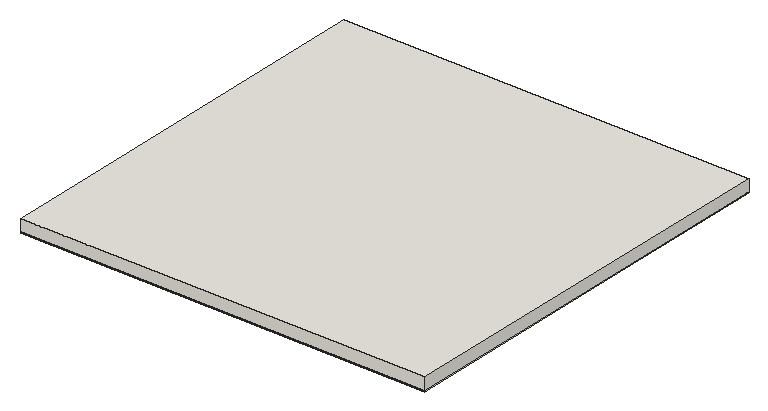
Revit family "ERA_LF_CS_SPO-6-36", category Осветительные приборы, Revit 2019 (continued)
Types (4, lengths in mm): name | built-in parameter 1150134 | Файл фотометрической сетки | built-in parameter 1150142 | built-in parameter 1150107 | URL | ADSK_Масса | ADSK_Марка | ADSK_Обозначение | ADSK_Наименование
    6 182.96 182.96 180.45 179.50 178.00 176.74 174.39 172.23 169.03\r\n 167.83 168.03 168.03 168.28 167.33 165.47 164.37 163.37 161.31 158.96\r\n 154.35 153.95 153.95 153.90 154.15 154.30 152.65 151.49 150.24 148.69\r\n 144.48 141.73 141.73 140.97 140.62 140.87 141.53 140.57 139.12 137.92\r\n 135.06 133.21 133.21 130.05 129.00 128.40 128.40 128.80 129.10 127.60\r\n 125.59 123.89 123.89 122.29 119.98 117.63 116.68 116.88 117.23 117.68\r\n 115.83 115.12 115.12 113.62 112.27 110.51 108.31 106.56 106.16 106.21\r\n 107.11 106.01 106.01 105.15 104.10 102.90 101.05 99.29 96.74 95.59\r\n 95.94 96.14 96.14 96.24 95.19 94.13 93.13 91.58 89.52 87.77\r\n 85.27 85.22 85.22 85.22 85.97 85.17 83.96 83.16 81.71 79.70\r\n 75.35 74.29 74.29 73.79 73.94 74.09 74.24 73.14 72.14 70.69\r\n 67.13 64.53 64.53 63.07 62.17 62.02 62.17 62.42 61.72 60.52\r\n 57.46 55.86 55.86 53.50 51.65 50.40 50.10 50.10 50.45 50.15\r\n 48.04 46.19 46.19 44.54 42.13 40.33 38.68 38.32 37.97 38.37\r\n 37.17 36.27 36.27 34.57 32.76 30.16 28.05 26.50 25.70 25.40\r\n 26.15 25.30 25.30 24.55 22.74 21.04 18.84 16.43 15.38 14.73\r\n 14.73 14.88 14.88 14.63 13.93 12.02 9.32 7.92 5.91 5.21\r\n 6.01 7.51 7.51 8.57 9.07 8.87 8.17 7.41 6.16 5.41\r\n 5.71 6.66 6.66 7.92 9.02 9.22 9.07 8.27 6.81 6.16\r\n 5.56 0.00 0.00 0.00 0.00 0.00 0.00 0.00 0.00 0.00\r\n 0.00 0.00 0.00 0.00 0.00 0.00 0.00 0.00 0.00 0.00\r\n 0.00 0.00 0.00 0.00 0.00 0.00 0.00 0.00 0.00 0.00\r\n 0.00 0.00 0.00 0.00 0.00 0.00 0.00 0.00 0.00 0.00\r\n 0.00 0.00 0.00 0.00 0.00 0.00 0.00 0.00 0.00 0.00\r\n 0.00 0.00 0.00 0.00 0.00 0.00 0.00 0.00 0.00 0.00\r\n 0.00 0.00 0.00 0.00 0.00 0.00 0.00 0.00 0.00 0.00\r\n 0.00 0.00 0.00 0.00 0.00 0.00 0.00 0.00 0.00 0.00\r\n 0.00 0.00 0.00 0.00 0.00 0.00 0.00 0.00 0.00 0.00\r\n 0.00 0.00 0.00 0.00 0.00 0.00 0.00 0.00 0.00 0.00\r\n 0.00 0.00 0.00 0.00 0.00 0.00 0.00 0.00 0.00 0.00\r\n 0.00 0.00 0.00 0.00 0.00 0.00 0.00 0.00 0.00 0.00\r\n 0.00 0.00 0.00 0.00 0.00 0.00 0.00 0.00 0.00 0.00\r\n 0.00 0.00 0.00 0.00 0.00 0.00 0.00 0.00 0.00 0.00\r\n 0.00 0.00 0.00 0.00 0.00 0.00 0.00 0.00 0.00 0.00\r\n 0.00 0.00 0.00 0.00 0.00 0.00 0.00 0.00 0.00 0.00\r\n 0.00 0.00 0.00 0.00 0.00 0.00 0.00 0.00 0.00 0.00\r\n 0.00 0.00 0.00 0.00 0.00 0.00 0.00 0.00 0.00 0.00\r\n 0.00 0.00 0.00 0.00 0.00 0.00 0.00 0.00 0.00 0.00\r\n 0.00 0.00 0.00 0.00 0.00 0.00 0.00 0.00 0.00 0.00\r\n 0.00 0.00 0.00 0.00 0.00 0.00 0.00 0.00 0.00 0.00\r\n 0.00 0.00 0.00 0.00 0.00 0.00 0.00 0.00 0.00 0.00\r\n 0.00 0.00 0.00 0.00 0.00 0.00 0.00 0.00 0.00 0.00\r\n 0.00 0.00 0.00 0.00 0.00 0.00 0.00 0.00 0.00 0.00\r\n 0.00 0.00 0.00 0.00 0.00 0.00 0.00 0.00 0.00 0.00\r\n 0.00 0.00 0.00 0.00 0.00 0.00 0.00 0.00 0.00 0.00\r\n 0.00 0.00 0.00 0.00 0.00 0.00 0.00 0.00 0.00 0.00\r\n 0.00 0.00 0.00 0.00 0.00 0.00 0.00 0.00 0.00 0.00\r\n 0.00 0.00 0.00 0.00 0.00 0.00 0.00 0.00 0.00 0.00\r\n 0.00 0.00 0.00 0.00 0.00 0.00 0.00 0.00 0.00 0.00\r\n 0.00 0.00 0.00 0.00 0.00 0.00 0.00 0.00 0.00 0.00\r\n 0.00 0.00 0.00 0.00 0.00 0.00 0.00 0.00 0.00 0.00\r\n 0.00 0.00 0.00 0.00 0.00 0.00 0.00 0.00 0.00 0.00\r\n 0.00 0.00 0.00 0.00 0.00 0.00 0.00 0.00 0.00 0.00\r\n 0.00 0.00 0.00 0.00 0.00 0.00 0.00 0.00 0.00 0.00\r\n 0.00 0.00 0.00 0.00 0.00 0.00 0.00 0.00 0.00 0.00\r\n 0.00 0.00 0.00 0.00 0.00 0.00 0.00 0.00 0.00 0.00\r\n 0.00 0.00 0.00 0.00 0.00 0.00 0.00 0.00 0.00 0.00\r\n 0.00 0.00 0.00 0.00 0.00 0.00 0.00 0.00 0.00 0.00\r\n 0.00 0.00 0.00 0.00 0.00 0.00 0.00 0.00 0.00 0.00\r\n 0.00 0.00 0.00 0.00 0.00 0.00 0.00 0.00 0.00 0.00\r\n 0.00 0.00 0.00 0.00 0.00 0.00 0.00 0.00 0.00 0.00\r\n 0.00 0.00 0.00 0.00 0.00 0.00 0.00 0.00 0.00 0.00\r\n 0.00 0.00 0.00 0.00 0.00 0.00 0.00 0.00 0.00 0.00\r\n 0.00 0.00 0.00 0.00 0.00 0.00 0.00 0.00 0.00 0.00\r\n 0.00 0.00 0.00 0.00 0.00 0.00 0.00 0.00 0.00 0.00\r\n 0.00 0.00 0.00 0.00 0.00 0.00 0.00 0.00 0.00 0.00\r\n 0.00 0.00 0.00 0.00 0.00 0.00 0.00 0.00 0.00 0.00\r\n 0.00 0.00 0.00 0.00 0.00 0.00 0.00 0.00 0.00 0.00\r\n 0.00 0.00 0.00 0.00 0.00 0.00 0.00 0.00 0.00 0.00\r\n 0.00 0.00 0.00 0.00 0.00 0.00 0.00 0.00 0.00 0.00\r\n 0.00 0.00 0.00 0.00 0.00 0.00 0.00 0.00 0.00 0.00\r\n 0.00 0.00 0.00 0.00 0.00 0.00 0.00 0.00 0.00 0.00\r\n 0.00 0.00 0.00 0.00 0.00 0.00 0.00 0.00 0.00 0.00\r\n 0.00 0.00 0.00 0.00 0.00 0.00 0.00 0.00 0.00 0.00\r\n 0.00 0.00 0.00 0.00 0.00 0.00 0.00 0.00 0.00 0.00\r\n 0.00 0.00 0.00 0.00 0.00 0.00 0.00 0.00 0.00 0.00\r\n 0.00 0.00 0.00 0.00 0.00 0.00 0.00 0.00 0.00 0.00\r\n 0.00 0.00 0.00 0.00 0.00 0.00 0.00 0.00 0.00 0.00\r\n 0.00 0.00 0.00 0.00 0.00 0.00 0.00 0.00 0.00 0.00\r\n 0.00 0.00 0.00 0.00 0.00 0.00 0.00 0.00 0.00 0.00\r\n 0.00 0.00 0.00 0.00 0.00 0.00 0.00 0.00 0.00 0.00\r\n 0.00 0.00 0.00 0.00 0.00 0.00 0.00 0.00 0.00 0.00\r\n 0.00 0.00 0.00 0.00 0.00 0.00 0.00 0.00 0.00 0.00\r\n 0.00 0.00 0.00 0.00 0.00 0.00 0.00 0.00 0.00 0.00\r\n 0.00 0.00 0.00 0.00 0.00 0.00 0.00 0.00 0.00 0.00\r\n 0.00 0.00 0.00 0.00 0.00 0.00 0.00 0.00 0.00 0.00\r\n 0.00 0.00 0.00 0.00 0.00 0.00 0.00 0.00 0.00 0.00\r\n 0.00 0.00 0.00 0.00 0.00 0.00 0.00 0.00 0.00 0.00\r\n 0.00 0.00 0.00 0.00 0.00 0.00 0.00 0.00 0.00 0.00\r\n 0.00 0.00 0.00 0.00 0.00 0.00 0.00 0.00 0.00 0.00\r\n 0.00 0.00 0.00 0.00 0.00 0.00 0.00 0.00 0.00 0.00\r\n 0.00 0.00 0.00 0.00 0.00 0.00 0.00 0.00 0.00 0.00\r\n 0.00 0.00 0.00 0.00 0.00 0.00 0.00 0.00 0.00 0.00\r\n 0.00 0.00 0.00 0.00 0.00 0.00 0.00 0.00 0.00 0.00\r\n 0.00 0.00 0.00 0.00 0.00 0.00 0.00 0.00 0.00 0.00\r\n 0.00 0.00 0.00 0.00 0.00 0.00 0.00 0.00 0.00 0.00\r\n 0.00 0.00 0.00 0.00 0.00 0.00 0.00 0.00 0.00 0.00\r\n 0.00 0.00 0.00 0.00 0.00 0.00 0.00 0.00 0.00 0.00\r\n 0.00 0.00 0.00 0.00 0.00 0.00 0.00 0.00 0.00 0.00\r\n 0.00 0.00 0.00 0.00 0.00 0.00 0.00 0.00 0.00 0.00\r\n 0.00 0.00 0.00 0.00 0.00 0.00 0.00 0.00 0.00 0.00\r\n 0.00 0.00 0.00 0.00 0.00 0.00 0.00 0.00 0.00 0.00\r\n 0.00 0.00 0.00 0.00 0.00 0.00 0.00 0.00 0.00 0.00\r\n 0.00 0.00 0.00 0.00 0.00 0.00 0.00 0.00 0.00 0.00\r\n 0.00 0.00 0.00 0.00 0.00 0.00 0.00 0.00 0.00 0.00\r\n 0.00 0.00 0.00 0.00 0.00 0.00 0.00 0.00 0.00 0.00\r\n 0.00 0.00 0.00 0.00 0.00 0.00 0.00 0.00 0.00 0.00\r\n 0.00 0.00 0.00 0.00 0.00 0.00 0.00 0.00 0.00 0.00\r\n 0.00         \r\n1428.38 1432.23 1416.56 1420.37 1426.58 1423.62 1423.62 1427.33 1427.33 1432.23 \r\n 1419.02 1424.87 1430.28 1418.42 1425.57 1430.63 1428.38 1417.72 1423.12 1428.28\r\n 1423.92 1420.42 1427.93 1432.38 1421.27 1419.52 1423.97 1430.23 1419.32 1422.97\r\n 1428.13 1431.83 1417.42 1419.22 1424.97 1428.73 1416.41 1422.57 1428.28 1429.18\r\n 1414.36 1418.32 1418.32 1423.47 1426.12 1414.81 1421.72 1426.07 1422.87 1411.61\r\n 1420.12 1420.42 1420.42 1411.11 1417.57 1422.57 1420.97 1407.85 1411.31 1416.31\r\n 1406.85 1412.11 1412.11 1417.01 1417.87 1403.35 1406.20 1409.66 1414.21 1402.65\r\n 1410.16 1413.86 1413.86 1403.90 1398.64 1403.10 1407.15 1401.70 1397.24 1403.80\r\n 1404.70 1392.14 1395.29 1395.29 1399.95 1402.70 1389.78 1394.39 1398.99 1401.90\r\n 1386.53 1390.44 1394.29 1394.29 1391.54 1385.08 1389.78 1394.39 1395.14 1379.72\r\n 1385.38 1388.98 1382.78 1382.78 1379.67 1384.48 1388.33 1388.43 1373.27 1375.17\r\n 1382.48 1375.17 1372.92 1372.92 1377.22 1381.28 1381.98 1366.86 1367.51 1371.41\r\n 1373.17 1364.16 1369.36 1369.36 1373.07 1375.42 1362.55 1359.45 1362.65 1365.51\r\n 1357.55 1358.95 1363.51 1363.51 1366.16 1363.66 1350.99 1352.69 1355.30 1359.25\r\n 1347.89 1351.79 1355.65 1355.65 1358.25 1350.54 1341.73 1343.98 1346.99 1349.94\r\n 1338.68 1343.18 1346.74 1346.74 1348.19 1336.28 1331.87 1334.57 1337.03 1340.48\r\n 1329.12 1333.62 1336.23 1338.28 1329.12 1322.01 1324.26 1327.17 1329.82 1325.06\r\n 1318.16 1322.56 1325.76 1328.02 1322.76 1312.40 1313.70 1315.60 1319.01 1320.56\r\n 1308.85 1311.00 1314.40 1317.35 1318.26 1306.44 1302.34 1305.14 1307.24 1310.35\r\n 1306.29 1298.88 1302.94 1305.79 1308.14 1308.70 1295.18 1293.53 1296.13 1298.38\r\n 1301.59 1295.88 1289.92 1293.93 1296.58 1299.23 1299.18 1286.07 1284.12 1286.82\r\n 1289.17 1291.73 1286.62 1280.16 1283.82 1286.37 1289.17 1289.32 1277.06 1273.56\r\n 1275.81 1278.31 1280.46 1277.66 1268.70 1271.25 1274.06 1276.36 1277.26 1267.60\r\n 1260.29 1261.59 1263.04 1265.00 1264.75 1254.99 1254.13 1256.64 1258.89 1259.79\r\n 1254.84 1242.77 1242.77 1244.07 1245.28 1246.88 1239.52 1233.81 1236.17 1237.62\r\n 1238.77 1236.72 1222.00 1220.80 1221.65 1222.50 1224.15 1220.45 1210.64 1213.14\r\n 1214.79 1215.69 1215.19 1202.28 1197.77 1198.42 1199.27 1200.43 1199.67 1187.86\r\n 1189.06 1190.61 1191.77 1191.62 1181.60 1174.25 1174.35 1174.75 1176.10 1175.55\r\n 1165.24 1164.54 1166.34 1167.29 1167.69 1161.68 1151.12 1150.17 1150.97 1151.72\r\n 1152.77 1144.56 1140.36 1142.31 1143.16 1143.91 1140.11 1128.55 1126.34 1126.84\r\n 1127.55 1128.75 1122.49 1116.18 1118.08 1119.19 1119.74 1117.28 1104.02 1102.47\r\n 1102.97 1103.57 1104.77 1099.56 1092.36 1094.06 1095.31 1095.66 1092.86 1079.39\r\n 1078.19 1078.59 1079.14 1079.89 1073.19 1067.93 1069.63 1070.48 1070.58 1066.18\r\n 1054.81 1053.96 1054.46 1055.27 1055.72 1046.36 1044.90 1046.71 1047.56 1046.76\r\n 1038.40 1030.79 1030.94 1031.19 1032.04 1029.34 1020.73 1022.18 1023.28 1023.63\r\n 1019.93 1009.21 1006.96 1006.96 1007.66 1008.31 999.60 997.60 998.95 999.25\r\n 999.20 988.69 983.09 982.99 982.89 983.89 980.68 972.52 974.13 974.78\r\n 974.58 969.47 958.86 958.01 958.61 959.41 957.11 948.80 950.25 951.25\r\n 951.35 946.55 936.53 935.63 935.48 936.23 932.63 925.82 927.47 928.18\r\n 928.18 923.92 913.16 912.96 912.96 913.46 909.65 903.55 905.15 905.60\r\n 905.45 897.14 890.48 890.08 890.08 891.03 882.67 881.07 882.62 882.82\r\n 881.52 871.81 867.51 867.31 867.66 866.86 858.60 859.50 860.20 860.15\r\n 856.70 845.58 845.18 844.93 845.53 841.03 836.32 837.68 837.78 837.02\r\n 825.76 822.71 822.46 822.61 821.61 813.55 814.40 815.40 814.90 808.49\r\n 801.18 800.58 800.28 800.88 794.38 792.53 793.28 793.28 788.57 779.41\r\n 778.26 778.01 778.46 773.90 769.95 770.90 770.90 768.35 758.34 755.98\r\n 755.68 755.83 753.13 747.13 748.13 748.08 745.97 737.01 733.01 732.46\r\n 732.21 731.26 723.50 724.45 724.15 723.40 715.79 709.83 709.28 708.93\r\n 708.58 700.67 701.12 701.07 700.27 694.62 686.91 686.11 685.46 685.31\r\n 677.65 677.95 678.15 677.70 672.19 663.93 663.48 662.68 662.73 655.62\r\n 655.22 655.47 654.87 650.07 641.46 639.91 639.36 639.06 632.20 631.80\r\n 631.60 631.10 625.24 617.88 616.48 615.63 615.33 608.27 608.37 608.02\r\n 607.32 600.66 594.61 593.05 592.25 591.60 584.75 585.35 585.10 583.54\r\n 575.19 571.18 569.93 569.53 567.58 562.52 563.12 562.17 560.47 550.86\r\n 548.56 547.30 547.20 542.50 540.60 540.65 539.50 535.84 527.48 525.68\r\n 524.68 524.28 517.82 518.07 517.42 515.72 509.46 503.66 502.30 501.60\r\n 500.10 494.85 495.10 494.35 491.19 483.23 480.58 479.28 478.83 474.07\r\n 472.62 472.27 470.67 463.56 459.01 457.31 456.55 454.55 450.70 450.95\r\n 450.10 447.44 439.03 437.28 436.18 435.68 430.33 430.58 429.57 427.72\r\n 419.36 416.86 415.51 414.66 410.50 410.25 409.75 407.90 401.79 397.49\r\n 396.19 395.49 391.08 390.63 390.03 388.28 380.57 377.27 375.41 374.96\r\n 370.56 370.31 369.61 367.61 361.00 357.59 355.99 355.64 351.74 351.14\r\n 350.94 348.18 340.28 338.52 337.12 336.22 332.92 332.77 331.67 328.11\r\n 321.91 320.15 319.90 316.65 316.80 316.00 314.15 306.99 304.84 303.69\r\n 301.43 300.23 300.23 299.68 298.58 291.97 289.42 288.22 288.02 285.01\r\n 284.41 278.56 278.56 275.40 273.85 273.45 270.70 271.00 269.60 265.39\r\n 259.74 259.69 259.69 257.48 257.63 256.63 252.08 248.17 247.32 246.82\r\n 245.32 243.22 243.22 237.76 235.41 235.16 233.31 233.86 233.51 231.16\r\n 224.70 224.80 224.80 223.15 223.90 222.30 217.29 214.54 214.39 212.68\r\n 212.99 208.83 208.83 205.83 204.68 204.83 204.08 204.48 202.77 197.87\r\n 195.87 194.66 194.66 195.47 194.56 189.91 187.71 187.26 186.91 187.31\r\n 184.95 180.45 180.45 179.45 180.00 179.30 179.55 178.35 173.24 172.14\r\n 171.84 172.79 172.79 171.94 167.69 165.63 165.63 165.13 165.98 165.68\r\n 159.28 159.03 159.03 158.88 159.63 159.53 157.12 153.72 152.47 153.07\r\n 153.67 152.52 152.52 148.01 146.61 146.61 146.26 147.26 146.91 143.86\r\n 140.35 140.56 140.56 140.86 141.46 140.10 136.05 134.65 134.60 134.35\r\n 134.80 132.45 132.45 129.24 128.24 128.59 128.44 129.34 128.69 124.84\r\n 122.39 122.18 122.18 123.19 123.14 121.23 117.28 116.28 116.63 117.08\r\n 116.18 112.77 112.77 110.72 110.72 110.92 112.12 110.92 107.02 105.02\r\n 104.87 105.97 105.97 105.57 101.56 99.41 99.16 98.86 100.21 99.21\r\n 93.15 92.80 92.80 92.90 93.85 92.95 89.40 86.85 86.80 86.60\r\n 86.10 81.84 81.84 80.54 80.54 81.04 81.24 79.59 75.23 74.28\r\n 75.48 74.68 74.68 70.88 68.78 68.58 68.98 69.38 67.02 63.57\r\n 62.52 63.72 63.72 62.12 58.87 56.81 56.51 57.31 57.41 55.36\r\n 50.21 50.56 50.56 51.76 50.56 46.75 44.60 44.70 45.70 45.30\r\n 39.44 38.24 38.24 38.64 39.59 38.39 34.69 32.29 32.19 33.24\r\n 29.53 26.68 26.68 25.33 25.78 26.23 24.63 21.12 18.12 18.02\r\n 18.52 15.87 15.87 12.71 10.76 11.06 12.21 11.11 8.36 5.51\r\n 7.56 8.86 8.86 8.26 6.36 5.01 6.36 8.26 9.06 7.76\r\n 5.31 7.86 7.86 9.41 8.86 7.26 5.31 6.26 8.16 9.41\r\n 6.51 5.86 5.86 7.11 8.76 9.41 7.61 6.11 5.71 7.26\r\n 9.61 0.00 0.00 0.00 0.00 0.00 0.00 0.00 0.00 0.00\r\n 0.00 0.00 0.00 0.00 0.00 0.00 0.00 0.00 0.00 0.00\r\n 0.00 0.00 0.00 0.00 0.00 0.00 0.00 0.00 0.00 0.00\r\n 0.00 0.00 0.00 0.00 0.00 0.00 0.00 0.00 0.00 0.00\r\n 0.00 0.00 0.00 0.00 0.00 0.00 0.00 0.00 0.00 0.00\r\n 0.00 0.00 0.00 0.00 0.00 0.00 0.00 0.00 0.00 0.00\r\n 0.00 0.00 0.00 0.00 0.00 0.00 0.00 0.00 0.00 0.00\r\n 0.00 0.00 0.00 0.00 0.00 0.00 0.00 0.00 0.00 0.00\r\n 0.00 0.00 0.00 0.00 0.00 0.00 0.00 0.00 0.00 0.00\r\n 0.00 0.00 0.00 0.00 0.00 0.00 0.00 0.00 0.00 0.00\r\n 0.00 0.00 0.00 0.00 0.00 0.00 0.00 0.00 0.00 0.00\r\n 0.00 0.00 0.00 0.00 0.00 0.00 0.00 0.00 0.00 0.00\r\n 0.00 0.00 0.00 0.00 0.00 0.00 0.00 0.00 0.00 0.00\r\n 0.00 0.00 0.00 0.00 0.00 0.00 0.00 0.00 0.00 0.00\r\n 0.00 0.00 0.00 0.00 0.00 0.00 0.00 0.00 0.00 0.00\r\n 0.00 0.00 0.00 0.00 0.00 0.00 0.00 0.00 0.00 0.00\r\n 0.00 0.00 0.00 0.00 0.00 0.00 0.00 0.00 0.00 0.00\r\n 0.00 0.00 0.00 0.00 0.00 0.00 0.00 0.00 0.00 0.00\r\n 0.00 0.00 0.00 0.00 0.00 0.00 0.00 0.00 0.00 0.00\r\n 0.00 0.00 0.00 0.00 0.00 0.00 0.00 0.00 0.00 0.00\r\n 0.00 0.00 0.00 0.00 0.00 0.00 0.00 0.00 0.00 0.00\r\n 0.00 0.00 0.00 0.00 0.00 0.00 0.00 0.00 0.00 0.00\r\n 0.00 0.00 0.00 0.00 0.00 0.00 0.00 0.00 0.00 0.00\r\n 0.00 0.00 0.00 0.00 0.00 0.00 0.00 0.00 0.00 0.00\r\n 0.00 0.00 0.00 0.00 0.00 0.00 0.00 0.00 0.00 0.00\r\n 0.00 0.00 0.00 0.00 0.00 0.00 0.00 0.00 0.00 0.00\r\n 0.00 0.00 0.00 0.00 0.00 0.00 0.00 0.00 0.00 0.00\r\n 0.00 0.00 0.00 0.00 0.00 0.00 0.00 0.00 0.00 0.00\r\n 0.00 0.00 0.00 0.00 0.00 0.00 0.00 0.00 0.00 0.00\r\n 0.00 0.00 0.00 0.00 0.00 0.00 0.00 0.00 0.00 0.00\r\n 0.00 0.00 0.00 0.00 0.00 0.00 0.00 0.00 0.00 0.00\r\n 0.00 0.00 0.00 0.00 0.00 0.00 0.00 0.00 0.00 0.00\r\n 0.00 0.00 0.00 0.00 0.00 0.00 0.00 0.00 0.00 0.00\r\n 0.00 0.00 0.00 0.00 0.00 0.00 0.00 0.00 0.00 0.00\r\n 0.00 0.00 0.00 0.00 0.00 0.00 0.00 0.00 0.00 0.00\r\n 0.00 0.00 0.00 0.00 0.00 0.00 0.00 0.00 0.00 0.00\r\n 0.00 0.00 0.00 0.00 0.00 0.00 0.00 0.00 0.00 0.00\r\n 0.00 0.00 0.00 0.00 0.00 0.00 0.00 0.00 0.00 0.00\r\n 0.00 0.00 0.00 0.00 0.00 0.00 0.00 0.00 0.00 0.00\r\n 0.00 0.00 0.00 0.00 0.00 0.00 0.00 0.00 0.00 0.00\r\n 0.00 0.00 0.00 0.00 0.00 0.00 0.00 0.00 0.00 0.00\r\n 0.00 0.00 0.00 0.00 0.00 0.00 0.00 0.00 0.00 0.00\r\n 0.00 0.00 0.00 0.00 0.00 0.00 0.00 0.00 0.00 0.00\r\n 0.00 0.00 0.00 0.00 0.00 0.00 0.00 0.00 0.00 0.00\r\n 0.00 0.00 0.00 0.00 0.00 0.00 0.00 0.00 0.00 0.00\r\n 0.00 0.00 0.00 0.00 0.00 0.00 0.00 0.00 0.00 0.00\r\n 0.00 0.00 0.00 0.00 0.00 0.00 0.00 0.00 0.00 0.00\r\n 0.00 0.00 0.00 0.00 0.00 0.00 0.00 0.00 0.00 0.00\r\n 0.00 0.00 0.00 0.00 0.00 0.00 0.00 0.00 0.00 0.00\r\n 0.00 0.00 0.00 0.00 0.00 0.00 0.00 0.00 0.00 0.00\r\n 0.00 0.00 0.00 0.00 0.00 0.00 0.00 0.00 0.00 0.00\r\n 0.00 0.00 0.00 0.00 0.00 0.00 0.00 0.00 0.00 0.00\r\n 0.00 0.00 0.00 0.00 0.00 0.00 0.00 0.00 0.00 0.00\r\n 0.00 0.00 0.00 0.00 0.00 0.00 0.00 0.00 0.00 0.00\r\n 0.00 0.00 0.00 0.00 0.00 0.00 0.00 0.00 0.00 0.00\r\n 0.00 0.00 0.00 0.00 0.00 0.00 0.00 0.00 0.00 0.00\r\n 0.00 0.00 0.00 0.00 0.00 0.00 0.00 0.00 0.00 0.00\r\n 0.00 0.00 0.00 0.00 0.00 0.00 0.00 0.00 0.00 0.00\r\n 0.00 0.00 0.00 0.00 0.00 0.00 0.00 0.00 0.00 0.00\r\n 0.00 0.00 0.00 0.00 0.00 0.00 0.00 0.00 0.00 0.00\r\n 0.00 0.00 0.00 0.00 0.00 0.00 0.00 0.00 0.00 0.00\r\n 0.00 0.00 0.00 0.00 0.00 0.00 0.00 0.00 0.00 0.00\r\n 0.00 0.00 0.00 0.00 0.00 0.00 0.00 0.00 0.00 0.00\r\n 0.00 0.00 0.00 0.00 0.00 0.00 0.00 0.00 0.00 0.00\r\n 0.00 0.00 0.00 0.00 0.00 0.00 0.00 0.00 
